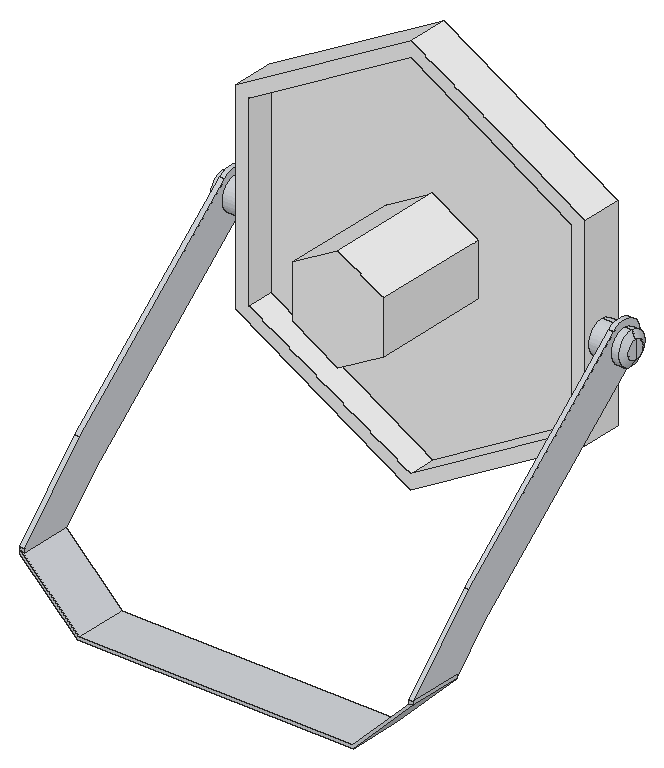
Revit family "Lighting-Floodlights-GEWISS-ESALITE-FL-LED_12K_DALI", category Apparecchi per illuminazione, host Superficie, Revit 2019
Family settings
  Host = Superficie
  Quota connettore circolare = Usa diametro
  Tipo di parte = Normale
  Taglio con vuoti quando caricato = No
  Sorgente d'illuminazione = Sì
  Condiviso = No
  Punto di calcolo locali = Sì
Parameters (values of type "GWS6423GD57K - ESALITE 12K 60° 5700K PRO+V GR.DALI")
  staffa = none
  Weight (kg): = "9,5"
  Wattage = 9.2903 W
  Warranty = "5 years"
  Voltage = "220/240 V - 50/60 Hz"
  Versions = "5700K cold light"
  Version file RFA = "20.11"
  Variazione temperatura colore lampada con luminosità attenuata = (empty or 0)
  VISIBILITA' SIMBOLO [instance] = yes
  VISIBILITA' LAMPADA PIANTA-LATERALE [instance] = not(VISIBILITA' SIMBOLO)  # no
  VISIBILITA' ETICHETTA [instance] = yes
  V = 0 V
  URL = "https://www.gewiss.com/ww/en"
  built-in parameter 1150107 = 3200 (stored number, unit not read)
  Technical sheet = "https://www.gewiss.com/ww/en/search?q=GWS6423GD57K"
  System power = "112W"
  Spostamento_y_effettivo_ET [instance] = 4000 mm - Spostamento_y_ET  # 2119.2 mm
  Spostamento_y_ET [instance] = 1880.8 mm
  Spostamento_X_effettivo_ET [instance] = 4000 mm - Spostamento_X_ET  # 3850.612 mm
  Spostamento_X_ET [instance] = 149.388 mm
  Shock resistance = "IK08"
  Shield type = "Tempered glass"
  SEO = "Floodlight"
  Realized by GEWISS S.p.A. = ""
  Default Elevation = 1219.2 mm
  Produttore = "GEWISS S.p.A."
  Potenza di sitema = "Wxxx"
  built-in parameter 1150110 = 1 (stored number, unit not read)
  built-in parameter 1150109 = 1 (stored number, unit not read)
  built-in parameter 1114218 = 1 (stored number, unit not read)
  built-in parameter 1150112 = 1 (stored number, unit not read)
  Overvoltage resistance : = "Common mode: 8KV; Differential mode: 6KV"
  Optic = "60°"
  Operating temperature: = "-30 +50 °C"
  Numero poli = 1
  Nominal flux (lm) = "15000"
  built-in parameter 1150142 = "IESNA:LM-63-2002\r\n[TEST] GWS6423GD57K\r\n[TESTLAB] GEWISS\r\n[TESTDATE] 31 Aug 2018\r\n[ISSUEDATE] 31 Aug 2018\r\n[MANUFAC] GEWISS\r\n[LUMCAT] GWS6423GD57K\r\n[LUMINAIRE] ESALITE FL 12K+GLAS 60° GR. DALI LED857\r\n[FLASHAREA] 0.030706\r\n[LAMPCAT] LED 112W/5700K - 11900lm\r\n[LAMP] LED 112W/5700K - 11900lm\r\nTILT=NONE\r\n1 11900.00 1.0 39 19 1 2 -0.402 -0.402 0.000\r\n1.00 1.00 112.00\r\n0.00 1.00 2.00 3.00 4.00 5.00 6.00 7.00 8.00 9.00 10.00 \r\n11.00 12.00 13.00 14.00 15.00 16.00 17.00 18.00 19.00 \r\n20.00 22.50 25.00 27.50 30.00 32.50 35.00 37.50 40.00 \r\n45.00 50.00 55.00 60.00 65.00 70.00 75.00 80.00 85.00 \r\n90.00 \r\n0.00 5.00 10.00 15.00 20.00 25.00 30.00 35.00 40.00 45.00 \r\n50.00 55.00 60.00 65.00 70.00 75.00 80.00 85.00 90.00 \r\n8596.44 8584.90 8553.84 8520.28 8519.09 8572.40 8686.64 \r\n8839.56 9004.25 9194.77 9393.03 9600.33 9798.46 10012.30 \r\n10224.72 10454.03 10698.93 10960.73 11261.33 11572.16 \r\n11840.14 11567.75 9133.25 5549.68 3583.45 2280.16 1374.33 \r\n1230.34 1192.62 1100.94 959.57 883.50 800.81 719.94 \r\n623.25 654.88 466.68 106.83 3.00 \r\n8596.44 8586.33 8555.51 8522.90 8519.81 8574.55 8689.74 \r\n8842.18 9007.35 9200.96 9401.36 9609.61 9806.79 10018.85 \r\n10232.10 10462.12 10710.24 10973.70 11274.42 11586.67 \r\n11855.02 11572.51 9115.76 5523.98 3572.50 2266.24 1364.57 \r\n1221.65 1182.68 1076.38 940.11 876.63 795.69 714.32 \r\n618.86 650.68 469.65 108.32 2.98 \r\n8596.44 8585.61 8555.98 8522.54 8521.35 8575.38 8689.26 \r\n8842.41 9010.20 9200.60 9403.86 9610.92 9809.05 10021.35 \r\n10235.43 10465.69 10713.33 10978.34 11278.11 11592.50 \r\n11863.94 11589.65 9136.46 5542.54 3579.52 2277.78 1366.83 \r\n1223.32 1184.99 1074.76 937.65 876.61 796.34 714.79 \r\n618.17 646.29 473.38 97.67 2.97 \r\n8596.44 8584.18 8556.22 8520.99 8519.09 8572.52 8684.50 \r\n8838.01 9005.33 9197.99 9399.69 9607.23 9804.41 10015.16 \r\n10228.65 10456.41 10705.00 10968.47 11268.47 11583.46 \r\n11856.68 11586.32 9129.08 5539.69 3583.68 2286.82 1373.02 \r\n1229.75 1192.86 1083.85 947.39 883.55 802.67 718.78 \r\n617.66 631.02 450.34 99.53 2.98 \r\n8596.44 8585.49 8557.17 8523.61 8522.18 8576.81 8689.98 \r\n8844.91 9012.82 9206.55 9409.81 9614.49 9811.43 10021.82 \r\n10234.83 10461.89 10709.64 10973.47 11273.23 11592.50 \r\n11870.61 11594.29 9116.95 5531.48 3583.92 2283.25 1366.60 \r\n1224.15 1192.02 1112.28 964.40 890.33 795.11 715.14 \r\n612.78 606.97 394.20 86.57 2.89 \r\n8596.44 8582.99 8553.84 8520.16 8517.07 8571.09 8682.36 \r\n8835.75 9005.21 9198.11 9400.05 9603.90 9800.60 10009.57 \r\n10221.86 10447.13 10693.82 10958.71 11261.21 11583.82 \r\n11864.54 11598.69 9125.16 5545.04 3594.51 2293.13 1374.93 \r\n1231.77 1202.38 1135.33 979.27 897.45 796.87 719.84 \r\n612.12 600.25 382.31 67.96 2.86 \r\n8596.44 8586.09 8556.34 8523.26 8520.04 8573.59 8686.64 \r\n8839.80 9009.85 9203.82 9405.52 9609.96 9806.55 10014.09 \r\n10223.65 10447.37 10694.41 10962.76 11265.97 11588.70 \r\n11870.84 11598.22 9112.43 5538.26 3588.45 2289.20 1371.12 \r\n1228.79 1198.45 1113.08 966.40 892.44 794.10 716.83 \r\n609.18 598.94 388.84 66.84 2.76 \r\n8596.44 8586.92 8558.48 8524.92 8521.23 8575.97 8690.33 \r\n8846.22 9016.99 9212.27 9413.26 9618.77 9813.93 10019.44 \r\n10228.88 10451.29 10699.77 10966.33 11272.99 11596.43 \r\n11878.70 11605.95 9111.83 5541.59 3592.97 2287.42 1370.52 \r\n1229.98 1202.61 1137.40 981.07 895.61 794.99 719.40 \r\n611.41 602.47 388.33 67.20 2.71 \r\n8596.44 8586.09 8555.74 8522.07 8517.54 8573.12 8688.90 \r\n8844.08 9018.77 9212.74 9415.88 9622.22 9816.19 10019.32 \r\n10226.27 10447.49 10695.13 10964.78 11270.13 11597.38 \r\n11884.65 11614.40 9118.49 5548.38 3600.46 2284.20 1366.24 \r\n1226.30 1197.38 1118.22 969.27 891.66 794.77 717.49 \r\n615.42 610.18 403.49 82.20 2.57 \r\n8596.44 8588.83 8558.60 8525.16 8520.76 8575.85 8690.81 \r\n8850.15 9025.56 9220.24 9424.56 9628.89 9821.55 10023.85 \r\n10228.17 10446.65 10694.17 10962.28 11267.75 11593.22 \r\n11878.94 11606.07 9100.29 5533.02 3599.87 2281.71 1362.31 \r\n1223.44 1189.80 1079.54 942.86 875.58 794.34 715.29 \r\n618.37 634.17 444.13 98.32 2.43 \r\n8596.44 8588.71 8560.15 8524.45 8521.11 8576.21 8694.38 \r\n8854.67 9031.15 9230.47 9437.53 9641.38 9834.87 10036.22 \r\n10239.36 10458.20 10706.79 10974.30 11281.32 11609.28 \r\n11895.60 11620.83 9105.17 5535.17 3612.72 2289.80 1368.86 \r\n1230.10 1195.24 1081.04 943.98 878.41 795.44 717.02 \r\n624.32 653.56 473.91 94.84 2.30 \r\n8596.44 8588.71 8557.05 8522.66 8518.26 8574.07 8692.24 \r\n8853.72 9031.98 9234.28 9440.98 9644.47 9838.92 10040.39 \r\n10243.88 10460.34 10707.98 10974.42 11280.96 11608.93 \r\n11895.84 11623.21 9110.76 5542.90 3620.22 2292.18 1368.14 \r\n1229.98 1195.36 1083.36 946.75 879.34 794.94 716.19 \r\n624.19 655.64 469.10 104.90 2.12 \r\n8596.44 8587.40 8557.05 8522.07 8516.12 8571.57 8690.21 \r\n8852.77 9032.93 9234.28 9442.17 9645.66 9839.40 10038.96 \r\n10241.74 10456.05 10700.84 10966.80 11274.18 11605.48 \r\n11894.88 11603.57 9084.10 5520.53 3618.43 2284.20 1363.38 \r\n1226.41 1194.16 1099.88 957.64 876.74 791.79 715.15 \r\n623.82 658.20 460.26 102.68 1.92 \r\n8596.44 8587.52 8558.36 8523.49 8517.78 8576.69 8695.81 \r\n8858.12 9040.55 9242.85 9451.10 9656.61 9849.99 10049.79 \r\n10252.80 10470.69 10715.12 10981.56 11291.20 11626.06 \r\n11917.85 11614.04 9093.98 5526.12 3628.31 2283.49 1361.36 \r\n1225.22 1191.19 1081.48 942.99 873.56 791.49 713.37 \r\n622.82 653.64 469.07 103.88 1.73 \r\n8596.44 8587.52 8557.89 8521.71 8517.31 8574.19 8691.88 \r\n8857.88 9039.36 9242.73 9453.24 9659.11 9852.13 10052.29 \r\n10253.04 10468.67 10712.74 10978.11 11289.29 11623.68 \r\n11917.85 11616.18 9096.00 5522.31 3631.64 2277.78 1353.86 \r\n1219.51 1185.05 1078.00 938.84 871.69 791.10 712.83 \r\n621.51 649.55 476.86 94.48 1.52 \r\n8596.44 8586.09 8557.05 8519.57 8515.05 8571.93 8692.12 \r\n8858.95 9041.14 9246.06 9455.38 9664.11 9857.96 10060.26 \r\n10261.85 10480.21 10724.52 10988.22 11304.88 11642.84 \r\n11936.89 11634.75 9117.07 5538.38 3649.02 2285.28 1351.48 \r\n1217.25 1181.93 1081.26 941.58 872.37 791.78 713.39 \r\n615.88 630.56 445.02 98.43 1.32 \r\n8596.44 8588.11 8557.77 8518.50 8515.28 8572.88 8692.95 \r\n8858.84 9042.10 9245.94 9454.31 9661.97 9854.27 10054.19 \r\n10254.83 10474.86 10721.90 10988.46 11302.62 11636.77 \r\n11927.37 11611.90 9096.48 5523.62 3652.35 2281.35 1345.06 \r\n1214.04 1184.04 1119.22 963.36 886.59 789.23 716.12 \r\n612.50 603.84 418.36 81.90 1.16 \r\n8596.44 8590.02 8559.55 8520.64 8518.02 8576.21 8694.14 \r\n8862.52 9045.07 9251.77 9459.67 9668.27 9859.39 10059.55 \r\n10261.73 10481.28 10726.78 10995.01 11308.57 11645.46 \r\n11935.70 11623.56 9108.62 5529.69 3658.06 2284.20 1346.72 \r\n1216.66 1188.70 1140.06 978.16 892.36 788.91 718.82 \r\n612.92 598.20 405.53 67.62 1.05 \r\n8596.44 8588.59 8558.48 8517.90 8515.16 8571.33 8691.64 \r\n8859.19 9043.76 9249.39 9457.64 9665.89 9855.70 10056.09 \r\n10257.80 10477.83 10724.04 10989.89 11304.17 11642.01 \r\n11933.32 11623.80 9126.59 5545.04 3665.44 2289.32 1352.67 \r\n1222.25 1193.57 1118.06 971.75 892.52 793.14 719.41 \r\n610.08 591.55 377.91 68.45 1.02 \r\n"
  Modello = "GWS6423GD57K"
  built-in parameter 1150137 = (empty or 0)
  built-in parameter 1150132 = (empty or 0)
  Lumen output (lm) = "11900"
  Life time L90B10 (Tq 50Â°C) = "61000H"
  Life time L90B10 (Tq 25Â°C) = "100000H"
  Lamp = "LED - Not replaceable"
  LED current. = "0,7A"
  built-in parameter 1150105 = 109.82 (stored number, unit not read)
  built-in parameter 1150102 = (empty or 0)
  Insulation class = "I"
  Immagine tipo = ESALITE_FL.jpg
  built-in parameter 1150106 = 1.0982 (stored number, unit not read)
  IP degree = "IP66"
  IFC.TypeObject = ""
  IFC.ExportType = ""
  IFC.ExportAs = ""
  IDT = "72afa88b942d42eeaee12b3424212cd3"
  IDF = "6633a4c1-cf92-420e-a8b1-7f317fa8a0d6"
  Lumens = 1380 lm
  Color Filter = 16777215
  File diagramma fotometrico = "GWS6423GD57K.IES"
  built-in parameter 1114217 = 1 (stored number, unit not read)
  built-in parameter 1150139 = (empty or 0)
  Emetti da lunghezza linea = 20 mm
  Electrocod = "2444"
  Efficiency class of integrated LEDs = "A ÷ A++"
  built-in parameter 1150104 = 13.8 (stored number, unit not read)
  Driver type = "Driver Led Dali"
  built-in parameter 1150115 = 1 (stored number, unit not read)
  built-in parameter 1150114 = 1 (stored number, unit not read)
  built-in parameter 1150113 = 1 (stored number, unit not read)
  Descrizione = "ESALITE 12K 60° 5700K PRO+V GR.DALI"
  Colour temperature: = "5700 K (CRI>80)"
  Colour = "Grey RAL 9006"
  built-in parameter 1150134 = 3
  built-in parameter 1150138 = (empty or 0)
  Catalogue Range = "ESALITE FL - 12K"
  Catalogue = "LIGHTING"
  COBie.Tagnumber = ""
  COBie.CreatedOn = ""
  COBie.CreatebBy = ""
  COBie.ComponentRegisterItemID = ""
  COBie.Component.TagNumber = ""
  COBie.Component.Space = ""
  COBie.Component.SerialNumber = ""
  COBie.Component.InstallationDate = ""
  COBie.Component.Description = ""
  COBie.Component.BarCode = ""
  Application = "Indoor / Outdoor"
  Tilt Angle = -90.00°
  built-in parameter 1150133 = 10 (stored number, unit not read)
Reference planes
  plane 1 "Centro (Fronte/Retro)": y = 0
  plane 2: z = 0
  plane 3 "Centro (Sinistra/Destra)": x = 0
  plane 4: z = 123
  plane 5: x = 0
  plane 6: x = -3850.612
  plane 7: y = -2119.2
  plane 8: y = 0
  plane 9: through (-1779.2, -702.001, 1219.2) normal (0.4695, 0.8829, 0)
  plane 10: through (203.705, -1575.119, 1219.2) normal (-0.866, 0.5, 0)
  plane 11: x = -235.613
  plane 12: x = 230.804
  plane 13: y = 188.046
  plane 14: y = -188.046
  plane 15: x = -287.654
  plane 16: z = 285.229
Forms (mm)
  Extrusion 1, solid, material <- "staffa"
    sketch origin (80, 0, 0) x (0, 1, 0) y (0, 0, -1)
      loop
        arc (165.701, -304.396) -> (196.85, -301.627) -> (194.11, -270.474) r 22.123
        line (194.11, -270.474) -> (-9.063, -99.991) -> (-47.067, -61.307) -> (-104.022, -61.307) -> (-104.022, -64.763) -> (-29.601, -140.518) -> (165.701, -304.396)
    from 287.654 to 292.463
  Revolve 2, solid, material <- "staffa"
    sketch origin (80, 179.315, 13.188) x (1, 0, 0) y (0, 0, 1)
      loop
        line (-304.219, 272.041) -> (-304.219, 262.041) -> (-299.896, 254.554) -> (-266.552, 254.554) -> (-266.552, 272.041) -> (-304.219, 272.041)
      axis (-304.219, 272.041) -> (-266.552, 272.041)
    angle from 0 to 360
  Revolve 3, solid, material <- "staffa"
    sketch origin (-78.734, 179.315, 13.188) x (-1, 0, 0) y (0, 0, -1)
      loop
        line (-304.219, -272.041) -> (-266.552, -272.041) -> (-266.552, -254.554) -> (-299.896, -254.554) -> (-304.219, -262.041) -> (-304.219, -272.041)
      axis (-304.219, -272.041) -> (-266.552, -272.041)
    angle from 0 to 360
  Extrusion 4, solid, material <- "staffa"
    sketch origin (-80, 0, 0) x (0, 1, 0) y (0, 0, 1)
      loop
        line (165.701, 304.396) -> (-29.601, 140.518) -> (-104.022, 64.763) -> (-104.022, 61.307) -> (-47.067, 61.307) -> (-9.063, 99.991) -> (194.11, 270.474)
        arc (194.11, 270.474) -> (196.85, 301.627) -> (165.701, 304.396) r 22.123
    from 287.654 to 292.463
  Extrusion 5, solid
    sketch origin (0, 0, 0) x (1, 0, 0) y (0, 0, 1)
      loop
        line (-150.553, -3) -> (148.156, -3) -> (212.463, 61.307) -> (212.463, 65.549) -> (146.914, 0) -> (-149.311, 0) -> (-212.463, 63.152) -> (-212.463, 58.91) -> (-150.553, -3)
    from 45.983 to 104.022
Lines and regions (mm)
  symbolic lines, visible <- "VISIBILITA' LAMPADA PIANTA-LATERALE"
    curve 1: line (1.859, 0, 405.824) -> (75.258, 0, 363.447)
    curve 2: arc (75.258, 0, 363.447) -> (77.755, 0, 362.778) -> (80.252, 0, 363.447) r 4.994
    curve 3: line (80.252, 0, 363.447) -> (146.454, 0, 401.669)
    curve 4: arc (146.454, 0, 401.669) -> (150.173, 0, 408.157) -> (146.427, 0, 414.629) r 7.492
    curve 5: line (146.427, 0, 414.629) -> (10.581, 0, 493.06)
    curve 6: arc (10.581, 0, 493.06) -> (3.09, 0, 493.06) -> (-0.656, 0, 486.572) r 7.492
    curve 7: line (-0.656, 0, 486.572) -> (-0.656, 0, 410.16)
    curve 8: arc (-0.656, 0, 410.16) -> (0.018, 0, 407.654) -> (1.859, 0, 405.824) r 4.994
    curve 9: line (-6.167, 0, 405.824) -> (-79.566, 0, 363.447)
    curve 10: arc (-79.566, 0, 363.447) -> (-82.063, 0, 362.778) -> (-84.561, 0, 363.447) r 4.994
    curve 11: line (-84.561, 0, 363.447) -> (-150.762, 0, 401.669)
    curve 12: arc (-150.762, 0, 401.669) -> (-154.481, 0, 408.157) -> (-150.735, 0, 414.629) r 7.492
    curve 13: line (-150.735, 0, 414.629) -> (-14.89, 0, 493.06)
    curve 14: arc (-14.89, 0, 493.06) -> (-7.398, 0, 493.06) -> (-3.652, 0, 486.572) r 7.492
    curve 15: line (-3.652, 0, 486.572) -> (-3.652, 0, 410.16)
    curve 16: arc (-3.652, 0, 410.16) -> (-4.327, 0, 407.654) -> (-6.167, 0, 405.824) r 4.994
    curve 17: line (-83.562, 0, 271.753) -> (-83.562, 0, 356.527)
    curve 18: arc (-83.562, 0, 356.527) -> (-84.226, 0, 359.015) -> (-86.041, 0, 360.842) r 4.994
    curve 19: line (-86.041, 0, 360.842) -> (-152.207, 0, 399.043)
    curve 20: arc (-152.207, 0, 399.043) -> (-159.712, 0, 399.066) -> (-163.471, 0, 392.571) r 7.491
    curve 21: line (-163.471, 0, 392.571) -> (-163.471, 0, 235.709)
    curve 22: arc (-163.471, 0, 235.709) -> (-159.712, 0, 229.214) -> (-152.207, 0, 229.237) r 7.491
    curve 23: line (-152.207, 0, 229.237) -> (-86.041, 0, 267.438)
    curve 24: arc (-86.041, 0, 267.438) -> (-84.226, 0, 269.265) -> (-83.562, 0, 271.753) r 4.994
    curve 25: line (-79.566, 0, 264.833) -> (-6.132, 0, 222.435)
    curve 26: arc (-6.132, 0, 222.435) -> (-4.316, 0, 220.608) -> (-3.652, 0, 218.12) r 4.994
    curve 27: line (-3.652, 0, 218.12) -> (-3.652, 0, 141.708)
    curve 28: arc (-3.652, 0, 141.708) -> (-7.398, 0, 135.22) -> (-14.89, 0, 135.22) r 7.492
    curve 29: line (-14.89, 0, 135.22) -> (-150.735, 0, 213.651)
    curve 30: arc (-150.735, 0, 213.651) -> (-154.481, 0, 220.154) -> (-150.709, 0, 226.642) r 7.492
    curve 31: line (-150.709, 0, 226.642) -> (-84.561, 0, 264.833)
    curve 32: arc (-84.561, 0, 264.833) -> (-82.063, 0, 265.502) -> (-79.566, 0, 264.833) r 4.994
    curve 33: line (77.169, 0, 264.833) -> (3.735, 0, 222.435)
    curve 34: arc (3.735, 0, 222.435) -> (1.919, 0, 220.608) -> (1.255, 0, 218.12) r 4.994
    curve 35: line (1.255, 0, 218.12) -> (1.255, 0, 141.708)
    curve 36: arc (1.255, 0, 141.708) -> (5.001, 0, 135.22) -> (12.493, 0, 135.22) r 7.492
    curve 37: line (12.493, 0, 135.22) -> (148.338, 0, 213.651)
    curve 38: arc (148.338, 0, 213.651) -> (152.084, 0, 220.154) -> (148.312, 0, 226.642) r 7.492
    curve 39: line (148.312, 0, 226.642) -> (82.163, 0, 264.833)
    curve 40: arc (82.163, 0, 264.833) -> (79.666, 0, 265.502) -> (77.169, 0, 264.833) r 4.994
    curve 41: line (79.254, 0, 271.753) -> (79.254, 0, 356.527)
    curve 42: arc (79.254, 0, 356.527) -> (79.917, 0, 359.015) -> (81.733, 0, 360.842) r 4.994
    curve 43: line (81.733, 0, 360.842) -> (147.899, 0, 399.043)
    curve 44: arc (147.899, 0, 399.043) -> (155.404, 0, 399.066) -> (159.163, 0, 392.571) r 7.491
    curve 45: line (159.163, 0, 392.571) -> (159.163, 0, 235.709)
    curve 46: arc (159.163, 0, 235.709) -> (155.404, 0, 229.214) -> (147.899, 0, 229.237) r 7.491
    curve 47: line (147.899, 0, 229.237) -> (81.733, 0, 267.438)
    curve 48: arc (81.733, 0, 267.438) -> (79.917, 0, 269.265) -> (79.254, 0, 271.753) r 4.994
    curve 49: line (-3.412, 0, 514.681) -> (-175.208, 0, 415.494)
    curve 50: arc (-175.208, 0, 415.494) -> (-176.122, 0, 414.58) -> (-176.456, 0, 413.332) r 2.497
    curve 51: line (-176.456, 0, 413.332) -> (-176.456, 0, 214.948)
    curve 52: arc (-176.456, 0, 214.948) -> (-176.122, 0, 213.7) -> (-175.208, 0, 212.786) r 2.497
    curve 53: line (-175.208, 0, 212.786) -> (-3.412, 0, 113.599)
    curve 54: arc (-3.412, 0, 113.599) -> (-2.154, 0, 113.259) -> (-0.897, 0, 113.599) r 2.497
    curve 55: line (-0.897, 0, 113.599) -> (170.899, 0, 212.786)
    curve 56: arc (170.899, 0, 212.786) -> (171.814, 0, 213.7) -> (172.148, 0, 214.948) r 2.497
    curve 57: line (172.148, 0, 214.948) -> (172.148, 0, 413.332)
    curve 58: arc (172.148, 0, 413.332) -> (171.814, 0, 414.58) -> (170.899, 0, 415.494) r 2.497
    curve 59: line (170.899, 0, 415.494) -> (-0.897, 0, 514.681)
    curve 60: arc (-0.897, 0, 514.681) -> (-2.154, 0, 515.02) -> (-3.412, 0, 514.681) r 2.497
    curve 61: line (-2.654, 0, 530.769) -> (-189.52, 0, 422.882)
    curve 62: arc (-189.52, 0, 422.882) -> (-189.879, 0, 422.517) -> (-190.01, 0, 422.022) r 0.999
    curve 63: line (-190.01, 0, 422.022) -> (-190.01, 0, 206.258)
    curve 64: arc (-190.01, 0, 206.258) -> (-189.879, 0, 205.763) -> (-189.52, 0, 205.398) r 0.999
    curve 65: line (-189.52, 0, 205.398) -> (-2.654, 0, 97.51)
    curve 66: arc (-2.654, 0, 97.51) -> (-2.154, 0, 97.377) -> (-1.655, 0, 97.51) r 0.999
    curve 67: line (-1.655, 0, 97.51) -> (185.212, 0, 205.398)
    curve 68: arc (185.212, 0, 205.398) -> (185.571, 0, 205.763) -> (185.702, 0, 206.258) r 0.999
    curve 69: line (185.702, 0, 206.258) -> (185.702, 0, 422.022)
    curve 70: arc (185.702, 0, 422.022) -> (185.566, 0, 422.526) -> (185.194, 0, 422.892) r 0.999
    curve 71: line (185.194, 0, 422.892) -> (-1.655, 0, 530.769)
    curve 72: arc (-1.655, 0, 530.769) -> (-2.154, 0, 530.903) -> (-2.654, 0, 530.769) r 0.999
    curve 73: line (-191.939, 0, 278.93) -> (-214.413, 0, 278.93)
    curve 74: line (-214.413, 0, 278.93) -> (-214.413, 0, 314.39)
    curve 75: line (-214.413, 0, 314.39) -> (-191.939, 0, 314.39)
    curve 76: line (-191.939, 0, 314.39) -> (-191.939, 0, 278.93)
    curve 77: line (215.013, 0, 278.93) -> (222.733, 0, 278.93)
    curve 78: line (222.733, 0, 278.93) -> (226.799, 0, 285.972)
    curve 79: line (226.799, 0, 285.972) -> (226.799, 0, 307.336)
    curve 80: line (226.799, 0, 307.336) -> (222.583, 0, 314.639)
    curve 81: line (222.583, 0, 314.639) -> (215.013, 0, 314.639)
    curve 82: line (215.013, 0, 314.639) -> (215.013, 0, 63.856)
    curve 83: line (215.013, 0, 63.856) -> (148.156, 0, -3)
    curve 84: line (148.156, 0, -3) -> (-150.553, 0, -3)
    curve 85: line (-150.553, 0, -3) -> (-217.41, 0, 63.856)
    curve 86: line (-217.41, 0, 63.856) -> (-217.41, 0, 314.639)
    curve 87: line (-217.41, 0, 314.639) -> (-224.98, 0, 314.639)
    curve 88: line (-224.98, 0, 314.639) -> (-229.196, 0, 307.336)
    curve 89: line (-229.196, 0, 307.336) -> (-229.196, 0, 285.972)
    curve 90: line (-229.196, 0, 285.972) -> (-225.131, 0, 278.93)
    curve 91: line (-225.131, 0, 278.93) -> (-217.41, 0, 278.93)
    curve 92: line (-214.41, 0, 314.639) -> (-214.41, 0, 65.099)
    curve 93: line (-214.41, 0, 65.099) -> (-149.311, 0, 0)
    curve 94: line (-149.311, 0, 0) -> (146.914, 0, 0)
    curve 95: line (146.914, 0, 0) -> (212.013, 0, 65.099)
    curve 96: line (212.013, 0, 65.099) -> (212.013, 0, 314.639)
    curve 97: line (189.541, 0, 278.93) -> (212.016, 0, 278.93)
    curve 98: line (212.016, 0, 278.93) -> (212.016, 0, 314.39)
    curve 99: line (212.016, 0, 314.39) -> (189.541, 0, 314.39)
    curve 100: line (189.541, 0, 314.39) -> (189.541, 0, 278.93)
  symbolic lines, visible <- "VISIBILITA' LAMPADA PIANTA-LATERALE", not visible
    curve 101: line (1041.859, 0, 531.824) -> (1115.258, 0, 489.447)
    curve 102: arc (1115.258, 0, 489.447) -> (1117.755, 0, 488.778) -> (1120.252, 0, 489.447) r 4.994
    curve 103: line (1120.252, 0, 489.447) -> (1186.454, 0, 527.669)
    curve 104: arc (1186.454, 0, 527.669) -> (1190.173, 0, 534.157) -> (1186.427, 0, 540.629) r 7.492
    curve 105: line (1186.427, 0, 540.629) -> (1050.581, 0, 619.06)
    curve 106: arc (1050.581, 0, 619.06) -> (1043.09, 0, 619.06) -> (1039.344, 0, 612.572) r 7.492
    curve 107: line (1039.344, 0, 612.572) -> (1039.344, 0, 536.16)
    curve 108: arc (1039.344, 0, 536.16) -> (1040.018, 0, 533.654) -> (1041.859, 0, 531.824) r 4.994
    curve 109: line (1033.833, 0, 531.824) -> (960.434, 0, 489.447)
    curve 110: arc (960.434, 0, 489.447) -> (957.937, 0, 488.778) -> (955.439, 0, 489.447) r 4.994
    curve 111: line (955.439, 0, 489.447) -> (889.238, 0, 527.669)
    curve 112: arc (889.238, 0, 527.669) -> (885.519, 0, 534.157) -> (889.265, 0, 540.629) r 7.492
    curve 113: line (889.265, 0, 540.629) -> (1025.11, 0, 619.06)
    curve 114: arc (1025.11, 0, 619.06) -> (1032.602, 0, 619.06) -> (1036.348, 0, 612.572) r 7.492
    curve 115: line (1036.348, 0, 612.572) -> (1036.348, 0, 536.16)
    curve 116: arc (1036.348, 0, 536.16) -> (1035.673, 0, 533.654) -> (1033.833, 0, 531.824) r 4.994
    curve 117: line (956.438, 0, 397.753) -> (956.438, 0, 482.527)
    curve 118: arc (956.438, 0, 482.527) -> (955.774, 0, 485.015) -> (953.959, 0, 486.842) r 4.994
    curve 119: line (953.959, 0, 486.842) -> (887.793, 0, 525.043)
    curve 120: arc (887.793, 0, 525.043) -> (880.288, 0, 525.066) -> (876.529, 0, 518.571) r 7.491
    curve 121: line (876.529, 0, 518.571) -> (876.529, 0, 361.709)
    curve 122: arc (876.529, 0, 361.709) -> (880.288, 0, 355.214) -> (887.793, 0, 355.237) r 7.491
    curve 123: line (887.793, 0, 355.237) -> (953.959, 0, 393.438)
    curve 124: arc (953.959, 0, 393.438) -> (955.774, 0, 395.265) -> (956.438, 0, 397.753) r 4.994
    curve 125: line (960.434, 0, 390.833) -> (1033.868, 0, 348.435)
    curve 126: arc (1033.868, 0, 348.435) -> (1035.684, 0, 346.608) -> (1036.348, 0, 344.12) r 4.994
    curve 127: line (1036.348, 0, 344.12) -> (1036.348, 0, 267.708)
    curve 128: arc (1036.348, 0, 267.708) -> (1032.602, 0, 261.22) -> (1025.11, 0, 261.22) r 7.492
    curve 129: line (1025.11, 0, 261.22) -> (889.265, 0, 339.651)
    curve 130: arc (889.265, 0, 339.651) -> (885.519, 0, 346.154) -> (889.291, 0, 352.642) r 7.492
    curve 131: line (889.291, 0, 352.642) -> (955.439, 0, 390.833)
    curve 132: arc (955.439, 0, 390.833) -> (957.937, 0, 391.502) -> (960.434, 0, 390.833) r 4.994
    curve 133: line (1117.169, 0, 390.833) -> (1043.735, 0, 348.435)
    curve 134: arc (1043.735, 0, 348.435) -> (1041.919, 0, 346.608) -> (1041.255, 0, 344.12) r 4.994
    curve 135: line (1041.255, 0, 344.12) -> (1041.255, 0, 267.708)
    curve 136: arc (1041.255, 0, 267.708) -> (1045.001, 0, 261.22) -> (1052.493, 0, 261.22) r 7.492
    curve 137: line (1052.493, 0, 261.22) -> (1188.338, 0, 339.651)
    curve 138: arc (1188.338, 0, 339.651) -> (1192.084, 0, 346.154) -> (1188.312, 0, 352.642) r 7.492
    curve 139: line (1188.312, 0, 352.642) -> (1122.163, 0, 390.833)
    curve 140: arc (1122.163, 0, 390.833) -> (1119.666, 0, 391.502) -> (1117.169, 0, 390.833) r 4.994
    curve 141: line (1119.254, 0, 397.753) -> (1119.254, 0, 482.527)
    curve 142: arc (1119.254, 0, 482.527) -> (1119.917, 0, 485.015) -> (1121.733, 0, 486.842) r 4.994
    curve 143: line (1121.733, 0, 486.842) -> (1187.899, 0, 525.043)
    curve 144: arc (1187.899, 0, 525.043) -> (1195.404, 0, 525.066) -> (1199.163, 0, 518.571) r 7.491
    curve 145: line (1199.163, 0, 518.571) -> (1199.163, 0, 361.709)
    curve 146: arc (1199.163, 0, 361.709) -> (1195.404, 0, 355.214) -> (1187.899, 0, 355.237) r 7.491
    curve 147: line (1187.899, 0, 355.237) -> (1121.733, 0, 393.438)
    curve 148: arc (1121.733, 0, 393.438) -> (1119.917, 0, 395.265) -> (1119.254, 0, 397.753) r 4.994
    curve 149: line (1036.588, 0, 640.681) -> (864.792, 0, 541.494)
    curve 150: arc (864.792, 0, 541.494) -> (863.878, 0, 540.58) -> (863.544, 0, 539.332) r 2.497
    curve 151: line (863.544, 0, 539.332) -> (863.544, 0, 340.948)
    curve 152: arc (863.544, 0, 340.948) -> (863.878, 0, 339.7) -> (864.792, 0, 338.786) r 2.497
    curve 153: line (864.792, 0, 338.786) -> (1036.588, 0, 239.599)
    curve 154: arc (1036.588, 0, 239.599) -> (1037.846, 0, 239.259) -> (1039.103, 0, 239.599) r 2.497
    curve 155: line (1039.103, 0, 239.599) -> (1210.899, 0, 338.786)
    curve 156: arc (1210.899, 0, 338.786) -> (1211.814, 0, 339.7) -> (1212.148, 0, 340.948) r 2.497
    curve 157: line (1212.148, 0, 340.948) -> (1212.148, 0, 539.332)
    curve 158: arc (1212.148, 0, 539.332) -> (1211.814, 0, 540.58) -> (1210.899, 0, 541.494) r 2.497
    curve 159: line (1210.899, 0, 541.494) -> (1039.103, 0, 640.681)
    curve 160: arc (1039.103, 0, 640.681) -> (1037.846, 0, 641.02) -> (1036.588, 0, 640.681) r 2.497
    curve 161: line (1037.346, 0, 656.769) -> (850.48, 0, 548.882)
    curve 162: arc (850.48, 0, 548.882) -> (850.121, 0, 548.517) -> (849.99, 0, 548.022) r 0.999
    curve 163: line (849.99, 0, 548.022) -> (849.99, 0, 332.258)
    curve 164: arc (849.99, 0, 332.258) -> (850.121, 0, 331.763) -> (850.48, 0, 331.398) r 0.999
    curve 165: line (850.48, 0, 331.398) -> (1037.346, 0, 223.51)
    curve 166: arc (1037.346, 0, 223.51) -> (1037.846, 0, 223.377) -> (1038.345, 0, 223.51) r 0.999
    curve 167: line (1038.345, 0, 223.51) -> (1225.212, 0, 331.398)
    curve 168: arc (1225.212, 0, 331.398) -> (1225.571, 0, 331.763) -> (1225.702, 0, 332.258) r 0.999
    curve 169: line (1225.702, 0, 332.258) -> (1225.702, 0, 548.022)
    curve 170: arc (1225.702, 0, 548.022) -> (1225.566, 0, 548.526) -> (1225.194, 0, 548.892) r 0.999
    curve 171: line (1225.194, 0, 548.892) -> (1038.345, 0, 656.769)
    curve 172: arc (1038.345, 0, 656.769) -> (1037.846, 0, 656.903) -> (1037.346, 0, 656.769) r 0.999
    curve 173: line (848.061, 0, 404.93) -> (825.587, 0, 404.93)
    curve 174: line (825.587, 0, 404.93) -> (825.587, 0, 440.39)
    curve 175: line (825.587, 0, 440.39) -> (848.061, 0, 440.39)
    curve 176: line (848.061, 0, 440.39) -> (848.061, 0, 404.93)
    curve 177: line (1255.013, 0, 404.93) -> (1262.733, 0, 404.93)
    curve 178: line (1262.733, 0, 404.93) -> (1266.799, 0, 411.972)
    curve 179: line (1266.799, 0, 411.972) -> (1266.799, 0, 433.336)
    curve 180: line (1266.799, 0, 433.336) -> (1262.583, 0, 440.639)
    curve 181: line (1262.583, 0, 440.639) -> (1255.013, 0, 440.639)
    curve 182: line (1255.013, 0, 440.639) -> (1255.013, 0, 189.856)
    curve 183: line (1255.013, 0, 189.856) -> (1188.156, 0, 123)
    curve 184: line (1188.156, 0, 123) -> (889.447, 0, 123)
    curve 185: line (889.447, 0, 123) -> (822.59, 0, 189.856)
    curve 186: line (822.59, 0, 189.856) -> (822.59, 0, 440.639)
    curve 187: line (822.59, 0, 440.639) -> (815.02, 0, 440.639)
    curve 188: line (815.02, 0, 440.639) -> (810.804, 0, 433.336)
    curve 189: line (810.804, 0, 433.336) -> (810.804, 0, 411.972)
    curve 190: line (810.804, 0, 411.972) -> (814.869, 0, 404.93)
    curve 191: line (814.869, 0, 404.93) -> (822.59, 0, 404.93)
    curve 192: line (825.59, 0, 440.639) -> (825.59, 0, 191.099)
    curve 193: line (825.59, 0, 191.099) -> (890.689, 0, 126)
    curve 194: line (890.689, 0, 126) -> (1186.914, 0, 126)
    curve 195: line (1186.914, 0, 126) -> (1252.013, 0, 191.099)
    curve 196: line (1252.013, 0, 191.099) -> (1252.013, 0, 440.639)
    curve 197: line (1229.541, 0, 404.93) -> (1252.016, 0, 404.93)
    curve 198: line (1252.016, 0, 404.93) -> (1252.016, 0, 440.39)
    curve 199: line (1252.016, 0, 440.39) -> (1229.541, 0, 440.39)
    curve 200: line (1229.541, 0, 440.39) -> (1229.541, 0, 404.93)
Text (mm)
  text "B-A=C" at (-2005.323, -1167.131, 0), in view "Livello rif."
  text "D+A-C=B" at (1746.792, 582.509, 0), in view "Livello rif."
Dimensions and locks
  "Spostamento_X_effettivo_ET": plane 6 to plane 5
  plane 6 to plane 3 "Centro (Sinistra/Destra)" = 3850.612 mm
  "Spostamento_y_effettivo_ET": plane 8 to plane 7
  plane 1 "Centro (Fronte/Retro)" to plane 7 = 2119.2 mm
  plane 11 to plane 12 = 466.417 mm
  plane 13 to plane 14 = 376.092 mm
  plane 12 to plane 5 to plane 11 = 230.804 mm, 235.613 mm
  angle plane 9 to plane 7 = 28.00°
  angle plane 7 to plane 6 = 90.00°
  aligned and locked: plane 2 to host face
  aligned and locked: level to host face
  aligned and locked: plane 3 "Centro (Sinistra/Destra)" to imposter light
  aligned and locked: plane 5 to nested 1
  aligned and locked: nested 1 to plane 8
  aligned and locked: nested 2 to plane 3 "Centro (Sinistra/Destra)"
  aligned and locked: curve 94 to level
  aligned and locked: plane 16 to nested 5
  aligned and locked: plane 8 to nested 5
  aligned and locked: nested 6 to plane 2
  aligned and locked: nested 6 to nested 2
Automatic sketch dimensions
  host sketch curve to host sketch curve = 2438.4 mm  (x2)
  plane 1 "Centro (Fronte/Retro)" to Extrusion 1 sketch curve = 29.601 mm
  plane 1 "Centro (Fronte/Retro)" to Extrusion 1 sketch curve = 9.063 mm
  Extrusion 1 sketch curve to plane 13 = 22.346 mm
  Extrusion 1 sketch curve to plane 16 = 2.193 mm
  Extrusion 1 sketch curve to plane 13 = 8.156 mm
  Extrusion 1 sketch curve to plane 16 = 19.167 mm
  Extrusion 1 sketch curve to plane 4 = 17.518 mm
  plane 4 to Extrusion 1 sketch curve = 23.009 mm
  plane 13 to Extrusion 1 sketch curve = 6.064 mm
  Extrusion 1 sketch curve to Extrusion 1 sketch curve = 0 mm  (x2)
  Revolve 2 sketch curve to plane 16 = 0 mm  (x2)
  plane 11 to Revolve 2 sketch curve = 11.394 mm
  Revolve 2 sketch curve to Revolve 2 sketch curve = 4.323 mm
  Revolve 2 sketch curve to Revolve 2 sketch curve = 33.345 mm
  plane 16 to Revolve 2 sketch curve = 10 mm
  plane 16 to Revolve 2 sketch curve = 17.487 mm
  Revolve 2 sketch curve to Revolve 2 sketch curve = 0 mm  (x2)
  Revolve 3 sketch curve to plane 16 = 0 mm  (x2)
  Revolve 3 sketch curve to plane 12 = 5.319 mm
  Revolve 3 sketch curve to Revolve 3 sketch curve = 4.323 mm
  Revolve 3 sketch curve to Revolve 3 sketch curve = 33.345 mm
  plane 16 to Revolve 3 sketch curve = 10 mm
  Revolve 3 sketch curve to Revolve 3 sketch curve = 7.487 mm
  Revolve 3 sketch curve to Revolve 3 sketch curve = 0 mm  (x2)
  plane 1 "Centro (Fronte/Retro)" to Extrusion 4 sketch curve = 29.601 mm
  plane 1 "Centro (Fronte/Retro)" to Extrusion 4 sketch curve = 9.063 mm
  Extrusion 4 sketch curve to plane 13 = 22.346 mm
  Extrusion 4 sketch curve to plane 16 = 2.193 mm
  Extrusion 4 sketch curve to plane 13 = 8.156 mm
  plane 4 to Extrusion 4 sketch curve = 23.009 mm
  Extrusion 4 sketch curve to plane 4 = 17.518 mm
  Extrusion 4 sketch curve to plane 16 = 19.167 mm
  plane 13 to Extrusion 4 sketch curve = 6.064 mm
  Extrusion 4 sketch curve to Extrusion 4 sketch curve = 0 mm  (x2)
  Extrusion 5 sketch curve to level = 0 mm
  Extrusion 5 sketch curve to level = 3 mm
  Extrusion 5 sketch curve to Extrusion 5 sketch curve = 1.243 mm  (x2)
  Extrusion 5 sketch curve to Extrusion 5 sketch curve = 4.243 mm  (x2)
  plane 11 to Extrusion 5 sketch curve = 23.15 mm
  plane 11 to Extrusion 5 sketch curve = 85.06 mm
  level to Extrusion 5 sketch curve = 58.91 mm
  Extrusion 5 sketch curve to plane 12 = 83.89 mm
  Extrusion 5 sketch curve to plane 12 = 18.341 mm
  level to Extrusion 5 sketch curve = 61.307 mm
  plane 1 "Centro (Fronte/Retro)" to Extrusion 4 sketch curve = 47.067 mm
  Extrusion 4 sketch curve to Extrusion 4 sketch curve = 38.685 mm
  Extrusion 4 sketch curve to Extrusion 4 sketch curve = 3.456 mm
  Extrusion 4 sketch curve to Extrusion 4 sketch curve = 56.956 mm
  plane 1 "Centro (Fronte/Retro)" to Extrusion 1 sketch curve = 47.067 mm
  Extrusion 1 sketch curve to Extrusion 1 sketch curve = 3.456 mm
  Extrusion 1 sketch curve to Extrusion 1 sketch curve = 56.956 mm
  plane 4 to Extrusion 1 sketch curve = 58.237 mm
  curve 89 to curve 91 = 4.066 mm
  curve 88 to curve 88 = 4.216 mm
  curve 90 to curve 86 = 7.721 mm
  curve 86 to curve 74 = 2.997 mm
  curve 86 to curve 93 = 3 mm
  curve 92 to curve 76 = 22.471 mm
  curve 75 to curve 63 = 1.928 mm
  curve 62 to curve 61 = 0.491 mm
  curve 63 to curve 65 = 0.491 mm
  curve 62 to curve 62 = 0.999 mm
  curve 64 to curve 64 = 0.508 mm
  curve 62 to curve 51 = 12.555 mm
  curve 52 to curve 53 = 1.249 mm
  curve 50 to curve 49 = 1.249 mm
  curve 49 to curve 50 = 1.249 mm
  curve 53 to curve 52 = 1.249 mm
  curve 50 to curve 21 = 10.488 mm
  curve 20 to curve 20 = 7.491 mm
  curve 21 to curve 22 = 7.491 mm
  curve 22 to curve 23 = 3.772 mm
  curve 20 to curve 19 = 3.772 mm
  curve 19 to curve 11 = 1.445 mm
  curve 11 to curve 13 = 0.027 mm
  curve 22 to curve 29 = 1.472 mm
  curve 22 to curve 31 = 1.498 mm
  curve 93 to curve 84 = 63.856 mm
  curve 85 to curve 94 = 1.243 mm
  curve 29 to curve 30 = 3.746 mm
  curve 13 to curve 12 = 3.746 mm
  curve 22 to curve 24 = 67.423 mm
  curve 20 to curve 18 = 67.423 mm
  curve 24 to curve 23 = 2.515 mm
  curve 18 to curve 19 = 2.515 mm
  curve 24 to curve 31 = 1.481 mm
  curve 18 to curve 11 = 1.481 mm
  curve 23 to curve 17 = 2.479 mm
  curve 31 to curve 32 = 2.497 mm
  curve 11 to curve 10 = 2.497 mm
  curve 32 to curve 25 = 2.497 mm
  curve 10 to curve 9 = 2.497 mm
  curve 32 to curve 29 = 67.174 mm
  curve 10 to curve 13 = 67.174 mm
  curve 13 to curve 14 = 3.746 mm
  curve 29 to curve 28 = 3.746 mm
  curve 28 to curve 26 = 2.497 mm
  curve 14 to curve 16 = 2.497 mm
  curve 16 to curve 9 = 2.479 mm
  curve 26 to curve 25 = 2.515 mm
  curve 14 to curve 15 = 7.492 mm
  curve 25 to curve 27 = 2.479 mm
  curve 28 to curve 53 = 11.478 mm
  curve 14 to curve 49 = 11.478 mm
  curve 54 to curve 65 = 0.758 mm
  curve 49 to curve 61 = 0.758 mm
  curve 54 to curve 54 = 1.257 mm
  curve 49 to curve 60 = 1.257 mm
  curve 61 to curve 72 = 0.499 mm
  curve 65 to curve 66 = 0.499 mm
  curve 66 to curve 67 = 0.499 mm
  curve 61 to curve 71 = 0.999 mm
  curve 54 to curve 55 = 1.257 mm
  curve 60 to curve 59 = 1.257 mm
  curve 15 to curve 7 = 2.997 mm
  curve 26 to curve 35 = 4.908 mm
  curve 8 to curve 1 = 2.515 mm
  curve 35 to curve 33 = 2.479 mm
  curve 1 to curve 8 = 2.479 mm
  curve 33 to curve 34 = 2.515 mm
  curve 6 to curve 6 = 7.492 mm
  curve 35 to curve 36 = 7.492 mm
  curve 6 to curve 5 = 3.746 mm
  curve 36 to curve 37 = 3.746 mm
  curve 8 to curve 1 = 73.399 mm
  curve 34 to curve 33 = 73.434 mm
  curve 1 to curve 2 = 2.497 mm
  curve 2 to curve 41 = 3.995 mm
  curve 33 to curve 40 = 2.497 mm
  curve 2 to curve 3 = 2.497 mm
  curve 2 to curve 43 = 1.481 mm
  curve 48 to curve 47 = 2.479 mm
  curve 48 to curve 39 = 0.431 mm
  curve 47 to curve 48 = 2.515 mm
  curve 43 to curve 42 = 2.515 mm
  curve 2 to curve 4 = 64.926 mm
  curve 40 to curve 38 = 64.926 mm
  curve 4 to curve 5 = 3.746 mm
  curve 4 to curve 3 = 3.772 mm
  curve 66 to curve 94 = 148.568 mm
  curve 4 to curve 43 = 1.445 mm
  curve 38 to curve 47 = 3.306 mm
  curve 95 to curve 83 = 1.243 mm
  curve 46 to curve 39 = 0.413 mm
  curve 38 to curve 37 = 3.746 mm
  curve 47 to curve 46 = 3.772 mm
  curve 43 to curve 44 = 3.772 mm
  curve 44 to curve 45 = 7.491 mm
  curve 38 to curve 56 = 21.313 mm
  curve 44 to curve 58 = 10.488 mm
  curve 58 to curve 59 = 1.249 mm
  curve 56 to curve 55 = 1.249 mm
  curve 55 to curve 57 = 1.249 mm
  curve 56 to curve 68 = 13.804 mm
  curve 58 to curve 70 = 13.804 mm
  curve 70 to curve 71 = 0.491 mm
  curve 68 to curve 67 = 0.508 mm
  curve 70 to curve 69 = 0.999 mm
  curve 44 to curve 100 = 30.379 mm
  curve 95 to curve 96 = 65.099 mm
  curve 96 to curve 99 = 0.003 mm
  curve 96 to curve 82 = 3 mm
  curve 82 to curve 81 = 7.57 mm
  curve 77 to curve 77 = 7.721 mm
  curve 80 to curve 80 = 4.216 mm
  curve 85 to curve 94 = 3 mm
  curve 93 to curve 85 = 63.856 mm
  curve 95 to curve 82 = 63.856 mm
  curve 82 to curve 96 = 1.243 mm
  curve 86 to curve 92 = 1.243 mm
  curve 93 to curve 65 = 97.51 mm
  curve 65 to curve 66 = 0.865 mm
  curve 66 to curve 55 = 15.224 mm
  curve 55 to curve 54 = 2.157 mm
  curve 54 to curve 29 = 19.464 mm
  curve 37 to curve 28 = 6.488 mm
  curve 92 to curve 65 = 140.299 mm
  curve 96 to curve 67 = 140.299 mm
  curve 68 to curve 55 = 6.528 mm
  curve 64 to curve 53 = 6.528 mm
  curve 29 to curve 52 = 1.298 mm
  curve 37 to curve 56 = 1.298 mm
  curve 36 to curve 34 = 76.412 mm
  curve 26 to curve 34 = 0 mm
  curve 29 to curve 30 = 6.488 mm
  curve 37 to curve 38 = 6.488 mm
  curve 39 to curve 47 = 2.595 mm
  curve 30 to curve 23 = 2.595 mm
  curve 46 to curve 40 = 31.27 mm
  curve 30 to curve 32 = 40.369 mm
  curve 40 to curve 33 = 4.325 mm
  curve 32 to curve 31 = 4.325 mm
  curve 32 to curve 23 = 2.605 mm
  curve 40 to curve 47 = 2.605 mm
  curve 22 to curve 74 = 43.221 mm
  curve 46 to curve 77 = 43.221 mm
  curve 90 to curve 73 = 0 mm
  curve 97 to curve 77 = 0 mm
  curve 77 to curve 78 = 7.042 mm
  curve 90 to curve 90 = 7.042 mm
  curve 78 to curve 79 = 21.364 mm
  curve 89 to curve 89 = 21.364 mm
  curve 73 to curve 76 = 35.46 mm
  curve 79 to curve 98 = 7.053 mm
  curve 74 to curve 86 = 0.25 mm
  curve 98 to curve 82 = 0.25 mm
  curve 48 to curve 42 = 84.774 mm
  curve 17 to curve 17 = 84.774 mm
  curve 18 to curve 11 = 2.605 mm
  curve 42 to curve 3 = 2.605 mm
  curve 1 to curve 2 = 4.325 mm
  curve 9 to curve 10 = 4.325 mm
  curve 42 to curve 45 = 36.043 mm
  curve 18 to curve 21 = 36.043 mm
  curve 43 to curve 3 = 2.626 mm
  curve 19 to curve 11 = 2.626 mm
  curve 9 to curve 9 = 42.377 mm
  curve 1 to curve 15 = 4.335 mm
  curve 3 to curve 4 = 6.472 mm
  curve 12 to curve 12 = 6.472 mm
  curve 44 to curve 58 = 20.761 mm
  curve 20 to curve 51 = 20.761 mm
  curve 50 to curve 62 = 6.528 mm
  curve 58 to curve 70 = 6.528 mm
  curve 8 to curve 6 = 76.412 mm
  curve 15 to curve 6 = 0 mm
  curve 6 to curve 60 = 19.464 mm
  curve 60 to curve 49 = 2.157 mm
  curve 49 to curve 72 = 15.224 mm
  curve 72 to curve 71 = 0.865 mm
  curve 74 to curve 92 = 0.25 mm
  curve 98 to curve 96 = 0.25 mm
  curve 189 to curve 191 = 4.066 mm
  curve 188 to curve 188 = 4.216 mm
  curve 190 to curve 186 = 7.721 mm
  curve 186 to curve 174 = 2.997 mm
  curve 186 to curve 193 = 3 mm
  curve 192 to curve 176 = 22.471 mm
  curve 175 to curve 163 = 1.928 mm
  curve 162 to curve 161 = 0.491 mm
  curve 163 to curve 165 = 0.491 mm
  curve 162 to curve 162 = 0.999 mm
  curve 164 to curve 164 = 0.508 mm
  curve 162 to curve 151 = 12.555 mm
  curve 152 to curve 153 = 1.249 mm
  curve 150 to curve 149 = 1.249 mm
  curve 149 to curve 150 = 1.249 mm
  curve 153 to curve 152 = 1.249 mm
  curve 150 to curve 121 = 10.488 mm
  curve 120 to curve 120 = 7.491 mm
  curve 121 to curve 122 = 7.491 mm
  curve 122 to curve 123 = 3.772 mm
  curve 120 to curve 119 = 3.772 mm
  curve 119 to curve 111 = 1.445 mm
  curve 111 to curve 113 = 0.027 mm
  curve 122 to curve 129 = 1.472 mm
  curve 122 to curve 131 = 1.498 mm
  curve 193 to curve 184 = 63.856 mm
  curve 185 to curve 194 = 1.243 mm
  curve 129 to curve 130 = 3.746 mm
  curve 113 to curve 112 = 3.746 mm
  curve 122 to curve 124 = 67.423 mm
  curve 120 to curve 118 = 67.423 mm
  curve 124 to curve 123 = 2.515 mm
  curve 118 to curve 119 = 2.515 mm
  curve 124 to curve 131 = 1.481 mm
  curve 118 to curve 111 = 1.481 mm
  curve 123 to curve 117 = 2.479 mm
  curve 131 to curve 132 = 2.497 mm
  curve 111 to curve 110 = 2.497 mm
  curve 132 to curve 125 = 2.497 mm
  curve 110 to curve 109 = 2.497 mm
  curve 132 to curve 129 = 67.174 mm
  curve 110 to curve 113 = 67.174 mm
  curve 113 to curve 114 = 3.746 mm
  curve 129 to curve 128 = 3.746 mm
  curve 128 to curve 126 = 2.497 mm
  curve 114 to curve 116 = 2.497 mm
  curve 116 to curve 109 = 2.479 mm
  curve 126 to curve 125 = 2.515 mm
  curve 114 to curve 115 = 7.492 mm
  curve 125 to curve 127 = 2.479 mm
  curve 128 to curve 153 = 11.478 mm
  curve 114 to curve 149 = 11.478 mm
  curve 154 to curve 165 = 0.758 mm
  curve 149 to curve 161 = 0.758 mm
  curve 154 to curve 154 = 1.257 mm
  curve 149 to curve 160 = 1.257 mm
  curve 161 to curve 172 = 0.499 mm
  curve 165 to curve 166 = 0.499 mm
  curve 166 to curve 167 = 0.499 mm
  curve 161 to curve 171 = 0.999 mm
  curve 154 to curve 155 = 1.257 mm
  curve 160 to curve 159 = 1.257 mm
  curve 115 to curve 107 = 2.997 mm
  curve 126 to curve 135 = 4.908 mm
  curve 108 to curve 101 = 2.515 mm
  curve 135 to curve 133 = 2.479 mm
  curve 101 to curve 108 = 2.479 mm
  curve 133 to curve 134 = 2.515 mm
  curve 106 to curve 106 = 7.492 mm
  curve 135 to curve 136 = 7.492 mm
  curve 106 to curve 105 = 3.746 mm
  curve 136 to curve 137 = 3.746 mm
  curve 108 to curve 101 = 73.399 mm
  curve 134 to curve 133 = 73.434 mm
  curve 101 to curve 102 = 2.497 mm
  curve 102 to curve 141 = 3.995 mm
  curve 133 to curve 140 = 2.497 mm
  curve 102 to curve 103 = 2.497 mm
  curve 102 to curve 143 = 1.481 mm
  curve 148 to curve 147 = 2.479 mm
  curve 148 to curve 139 = 0.431 mm
  curve 147 to curve 148 = 2.515 mm
  curve 143 to curve 142 = 2.515 mm
  curve 102 to curve 104 = 64.926 mm
  curve 140 to curve 138 = 64.926 mm
  curve 104 to curve 105 = 3.746 mm
  curve 104 to curve 103 = 3.772 mm
  curve 166 to curve 194 = 148.568 mm
  curve 104 to curve 143 = 1.445 mm
  curve 138 to curve 147 = 3.306 mm
  curve 195 to curve 183 = 1.243 mm
  curve 146 to curve 139 = 0.413 mm
  curve 138 to curve 137 = 3.746 mm
  curve 147 to curve 146 = 3.772 mm
  curve 143 to curve 144 = 3.772 mm
  curve 144 to curve 145 = 7.491 mm
  curve 138 to curve 156 = 21.313 mm
  curve 144 to curve 158 = 10.488 mm
  curve 158 to curve 159 = 1.249 mm
  curve 156 to curve 155 = 1.249 mm
  curve 155 to curve 157 = 1.249 mm
  curve 156 to curve 168 = 13.804 mm
  curve 158 to curve 170 = 13.804 mm
  curve 170 to curve 171 = 0.491 mm
